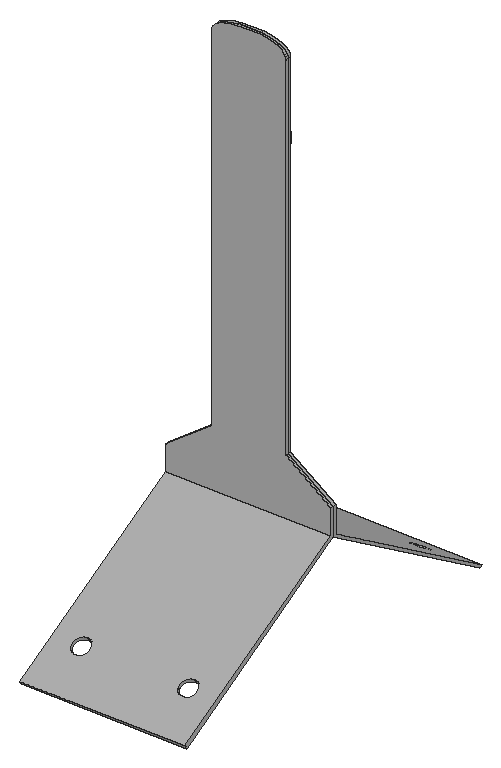
Revit family "DF_ДержательИзолированногоМолниеприемника_8-10_72918_EZETEK", category Соединительные детали воздуховодов, Revit 2017
Family settings
  Размер круглого соединителя = Использовать радиус
  Тип детали = Соединение
  На основе рабочей плоскости = Нет
  Всегда вертикально = Да
  При загрузке вырезать с полостями = Нет
  Общий = Нет
Parameters (values of type "ДержательПроводникаКруглогоДляКонька_6-10_91107")
  Угол = 90.00°  # constant formula
  Тип = FA_ДержательИзолированногоМолниеприемника_8-10_91107_EZETEK : ДержательПроводникаКруглогоДляКонька_6-10_91107
  СфераОшибки [instance] = if(or(ADSK_Размер_Диаметр = 6 mm, ADSK_Размер_Диаметр = 8 mm, ADSK_Размер_Диаметр = 10 mm), 1 = 0, 1 = 1)  # no
  Предупреждение [instance] = if(СфераОшибки, "Допустимые диаметры стержней: 8, 10", "")  # ""
  Описание = "Изоляционная штанга для монтажа молниеприемных токоотводов и других проводников с соблюдением разделительного интервала (интервал разделения = 750 мм). Изготовлен из стеклопластика, армированного стекловолокном. Используется для фиксации к стене, опоре, или мачте молниеприемника. Фиксация к стене осуществляется с помощью опоры мостовой с крепежными отверстиями 8,4. Для фиксации к опоре, или мачте с помощью болтового окончания и гайки М8  используется корнштейн трубный, или опора на ленту."  # constant formula
  Производитель_Контакты = "ezetek@ezetek.ru"  # constant formula
  built-in parameter 1114242 [instance] = 1 = 0  # (empty or 0)
  Изготовитель = "Ezetek"  # constant formula
  Группа модели = "Изолированная молниезащита"  # constant formula
  URL = "https://ezetek.ru/"
  R_Error [instance] = if(СфераОшибки, 300 mm, 1 mm)  # 1 mm
  R [instance] = if(ADSK_Размер_Радиус > 5 mm, 5 mm, ADSK_Размер_Радиус)  # 5 mm
  ADSK_Этаж [instance] = ""
  ADSK_Размер_Радиус [instance] = 5 mm
  ADSK_Размер_Диаметр [instance] = ADSK_Размер_Радиус * 2  # 10 mm
  ADSK_Примечание [instance] = "Неспецифицируемое"  # constant formula
  ADSK_Позиция [instance] = "Неспецифицируемое"  # constant formula
  ADSK_Обозначение = "Неспецифицируемое"  # constant formula
  ADSK_Наименование краткое [instance] = "Неспецифицируемое"  # constant formula
  ADSK_Наименование = "Неспецифицируемое"  # constant formula
  ADSK_Материал = BIMLIB_Сталь_Оцинкованная_EZETEK
  ADSK_Масса_Текст = "Неспецифицируемое"  # constant formula
  ADSK_Масса = 0  # constant formula
  ADSK_Марка = "Неспецифицируемое"  # constant formula
  ADSK_Количество = 0  # constant formula
  ADSK_Код изделия = "Неспецифицируемое"  # constant formula
  ADSK_Завод-изготовитель = "Неспецифицируемое"  # constant formula
  ADSK_Единица измерения = "Неспецифицируемое"  # constant formula
  ADSK_Группирование [instance] = ""
  ADSK_Версия Revit = "2017"  # constant formula
Reference planes
  plane 1 "По центру (Вперед/Назад)": y = 0
  plane 2: z = 0
  plane 3 "По центру (Влево/Вправо)": x = 0
  plane 4 "M": y = 0
  plane 5 "U": z = 0
  plane 6: x = 0
Forms (mm)
  Revolve 1, solid, visible <- "СфераОшибки"
    sketch origin (0, 0, 0) x (1, 0, 0) y (0, 1, 0)
      loop
        arc (1, 0) -> (0, 1) -> (-1, 0) r 1
        line (-1, 0) -> (1, 0)
      axis (1, 0) -> (-1, 0)
    angle from 0 to 360
Lines and regions (mm)
  reference lines
    curve 1: line (1, 0, 0) -> (-1, 0, 0)
Dimensions and locks
  equal spacing: curve 1, plane 6, curve 1
  locked: curve 1 to curve 1 at 2
  locked: plane 5 "U" to plane 2
  "R_Error": radius of Revolve 1 sketch curve
  aligned and locked: level to plane 2
  aligned and locked: curve 1 to plane 5 "U"
  aligned and locked: plane 1 "По центру (Вперед/Назад)" to Revolve 1 sketch curve  (x2)
  aligned and locked: Revolve 1 sketch curve to plane 4 "M"
  aligned and locked: plane 3 "По центру (Влево/Вправо)" to nested 1
  aligned and locked: level to nested 1
Automatic sketch dimensions
  plane 1 "По центру (Вперед/Назад)" to curve 1 = 0 mm
  Revolve 1 sketch curve to plane 3 "По центру (Влево/Вправо)" = 0 mm
  Revolve 1 sketch curve to Revolve 1 sketch curve = 42.294 mm
  Revolve 1 sketch curve to Revolve 1 sketch curve = 33.119 mm
Nested families
  nested 1: "FA_ДержательИзолированногоМолниеприемника_8-10_91107_EZETEK" at (0, -3.125, 0) x (0, 1, 0) z (0, 0, 1), ADSK_Группирование <- "ADSK_Группирование", ADSK_Этаж <- "ADSK_Этаж", type <- "Тип", type "ДержательПроводникаКруглогоДляКонька_6-10_91107", detail levels medium+fine
    with ADSK_Этаж "", ADSK_Примечание "", ADSK_Позиция "", ADSK_Наименование краткое "Держатель проводника", ADSK_Группирование ""
Connectors
  hvac at (1, 0, 0), driven by "ADSK_Размер_Радиус"
    settings: on curve 1, index 3, duct flow 0.0 L/s, flow factor 0, pres drop 0.0 Pa, loss coef 0, conn angle 0.00°, conn width 304.8 mm, conn height 304.8 mm, conn diameter 10 mm, duct sys type 1, conn prof type 0, flow config 0, flow direction 0, loss method 0, conn ref index 4, conn util no, is conn primary yes, conn desc ""
  hvac at (-1, 0, 0), driven by "ADSK_Размер_Радиус"
    settings: on curve 1, index 4, duct flow 0.0 L/s, flow factor 0, pres drop 0.0 Pa, loss coef 0, conn angle 0.00°, conn width 304.8 mm, conn height 304.8 mm, conn diameter 10 mm, duct sys type 1, conn prof type 0, flow config 0, flow direction 0, loss method 0, conn ref index 3, conn util no, is conn primary no, conn desc ""
Definition of nested family "FA_ДержательИзолированногоМолниеприемника_8-10_91107_EZETEK"
  Parameters (values of type "ДержательПроводникаКруглогоДляКонька_6-10_91107")
    Угол = 90.00°  # constant formula
    Производитель_Контакты = "ezetek@ezetek.ru"  # constant formula
    Description = "Держатель выполнен из листовой оцинкованной стали толщиной 2 мм и используется для фиксации прутка молниезащитной сетки диаметром 8–10 мм в специальном пазу на простом коньке. Расстояние от прутка до основания держателя составляет 110 мм. Для крепления имеются отверстия под винт (саморез) диаметром 5 мм."  # constant formula
    Manufacturer = "Ezetek"  # constant formula
    Model = "Изолированная молниезащита"  # constant formula
    w1 = 43 mm  # constant formula
    w = 127 mm  # constant formula
    URL = "https://ezetek.ru/"
    ADSK_Этаж [instance] = ""
    ADSK_Примечание [instance] = ""
    ADSK_Позиция [instance] = ""
    ADSK_Обозначение = "91107"
    ADSK_Наименование краткое [instance] = "Держатель проводника круглого"
    ADSK_Наименование = "Держатель проводника круглого 6-10 мм для конька, высота 110 мм, оцинк."
    ADSK_Материал = none
    ADSK_Масса_Текст = "0.3"
    ADSK_Масса = 0.3
    ADSK_Марка = "91107"
    ADSK_Количество = 1  # constant formula
    ADSK_Код изделия = "91107"
    ADSK_Завод-изготовитель = "Ezetek"  # constant formula
    ADSK_Единица измерения = "шт."  # constant formula
    ADSK_Группирование [instance] = ""
    ADSK_Версия Revit = "2017"  # constant formula
  Reference planes
    plane 1 "По центру (Вперед/Назад)": y = 0
    plane 2: z = 0
    plane 3 "По центру (Влево/Вправо)": x = 0
    plane 4: y = 28.5
    plane 5: y = -28.5
    plane 6: y = 8
    plane 7: y = -8
    plane 8: y = 18.5
    plane 9: y = -23.5
    plane 10: y = -18.5
  Forms (mm)
    Extrusion 1, solid, material <- "ADSK_Материал", detail levels medium+fine
      sketch origin (11.462, 0, -75.5) x (1, 0, 0) y (0, 0, 1)
        loop
          line (51.99, -74.999) -> (52.5, -74.139) -> (-10.462, -36.755) -> (-10.462, 110) -> (-11.462, 110) -> (-11.462, -37.324) -> (51.99, -74.999)
      from 28.5 to -28.5
    Extrusion 2, solid, material <- "ADSK_Материал", detail levels medium+fine
      sketch origin (11.462, 0, 0) x (1, 0, 0) y (0, 0, 1)
        loop
          line (-10.462, -3.017) -> (-10.462, -4.017) -> (-5.88, -4.017) -> (-4.095, -1.468) -> (-4.095, 1.37) -> (-6.544, 11.192) -> (-7.515, 10.95) -> (-5.095, 1.247) -> (-5.095, -1.152) -> (-6.401, -3.017) -> (-10.462, -3.017)
      from 8 to -8
    Extrusion 3, solid, material <- "ADSK_Материал", detail levels medium+fine
      sketch origin (-11.462, 0, -75.5) x (-1, 0, 0) y (0, 0, -1)
        loop
          line (51.99, 74.999) -> (-11.462, 37.324) -> (-11.462, -110) -> (-10.462, -110) -> (-10.462, 36.755) -> (52.5, 74.139) -> (51.99, 74.999)
      from 28.5 to -28.5
    Extrusion 4, void
      sketch origin (0, 0, 0) x (0, -1, 0) y (0, 0, -1)
        loop
          line (28.5, -34.5) -> (28.5, 103.565) -> (12.808, 92.577) -> (12.808, -29.5)
          spline (12.808, -29.5) -> (12.809, -30.104) -> (12.672, -30.675) -> (12.399, -31.211) -> (11.989, -31.713) -> (11.443, -32.181) -> (10.759, -32.614) -> (9.939, -33.014) -> (8.983, -33.379) -> (7.889, -33.711) -> (6.659, -34.008) -> (5.292, -34.271) -> (3.788, -34.5)
          line (3.788, -34.5) -> (28.5, -34.5)
        loop
          line (-28.5, -34.5) -> (-3.788, -34.5)
          spline (-3.788, -34.5) -> (-5.292, -34.271) -> (-6.659, -34.008) -> (-7.889, -33.711) -> (-8.983, -33.379) -> (-9.939, -33.014) -> (-10.759, -32.614) -> (-11.443, -32.181) -> (-11.989, -31.713) -> (-12.399, -31.211) -> (-12.672, -30.675) -> (-12.809, -30.104) -> (-12.808, -29.5)
          line (-12.808, -29.5) -> (-12.808, 92.577) -> (-28.5, 103.565) -> (-28.5, -34.5)
      from 1 to -1
    Revolve 5, void
      sketch origin (-91.988, -18.5, 1200) x (-1, 0, 0) y (0, 0, 1)
        loop
          line (-41.925, -1341.386) -> (-44.504, -1339.855) -> (-45.015, -1340.715) -> (-42.435, -1342.246) -> (-41.925, -1341.386)
        axis (-41.925, -1341.386) -> (-42.435, -1342.246)
      angle from 0 to 360
    Revolve 6, void
      sketch origin (-91.988, 18.5, 1200) x (-1, 0, 0) y (0, 0, 1)
        loop
          line (-41.925, -1341.386) -> (-44.504, -1339.855) -> (-45.015, -1340.715) -> (-42.435, -1342.246) -> (-41.925, -1341.386)
        axis (-41.925, -1341.386) -> (-42.435, -1342.246)
      angle from 0 to 360
    Revolve 7, void
      sketch origin (91.988, 18.5, 1200) x (1, 0, 0) y (0, 0, -1)
        loop
          line (-41.925, 1341.386) -> (-42.435, 1342.246) -> (-45.015, 1340.715) -> (-44.504, 1339.855) -> (-41.925, 1341.386)
        axis (-41.925, 1341.386) -> (-42.435, 1342.246)
      angle from 0 to 360
    Revolve 8, void
      sketch origin (91.988, -18.5, 1200) x (1, 0, 0) y (0, 0, 1)
        loop
          line (-41.925, -1341.386) -> (-44.504, -1339.855) -> (-45.015, -1340.715) -> (-42.435, -1342.246) -> (-41.925, -1341.386)
        axis (-41.925, -1341.386) -> (-42.435, -1342.246)
      angle from 0 to 360
  Cuts and joins
    Extrusion 4, Revolve 7, Revolve 8 cuts Extrusion 1
    Extrusion 4, Revolve 5, Revolve 6 cuts Extrusion 3
  Dimensions and locks
    locked: plane 1 "По центру (Вперед/Назад)" to plane 4 at 28.5
    locked: plane 5 to plane 1 "По центру (Вперед/Назад)" at 28.5
    locked: plane 1 "По центру (Вперед/Назад)" to plane 6 at 8
    locked: plane 7 to plane 1 "По центру (Вперед/Назад)" at 8
    cut or joined group of Extrusion 3, Extrusion 4, Revolve 5, Revolve 6 to cut or joined group of Extrusion 3, Extrusion 4, Revolve 5, Revolve 6 = 184.999 mm
    cut or joined group of Extrusion 3, Extrusion 4, Revolve 5, Revolve 6 to cut or joined group of Extrusion 1, Extrusion 4, Revolve 7, Revolve 8 = 126.904 mm
    plane 4 to plane 5 = 57 mm
    locked: plane 1 "По центру (Вперед/Назад)" to plane 8 at 18.5
    locked: plane 1 "По центру (Вперед/Назад)" to plane 10 at 18.5
    aligned and locked: level to plane 2
    aligned and locked: plane 5 to Extrusion 1
    aligned and locked: plane 4 to Extrusion 1
    aligned and locked: plane 7 to Extrusion 2
    aligned and locked: plane 6 to Extrusion 2
